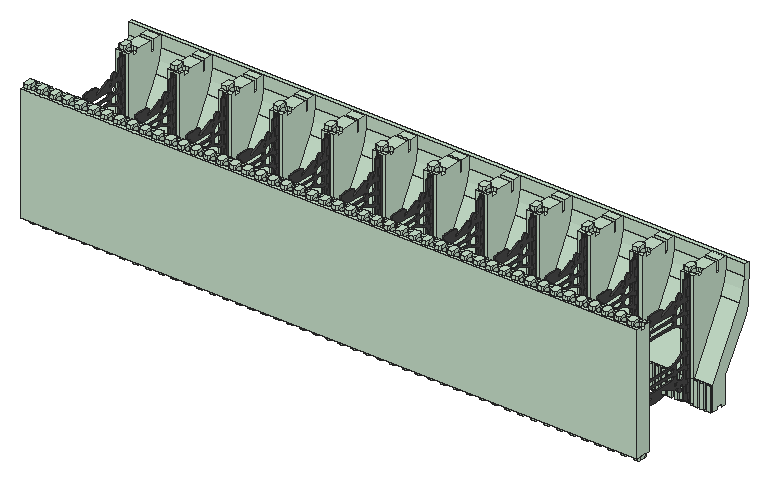
Revit family (continued)
Forms (mm)
  Extrusion 114, void
    sketch origin (2184.4, -0.084, 0) x (1, 0, 0) y (0, 1, 0)
      loop
        arc (25.4, 101.014) -> (26.615, 97.278) -> (29.796, 94.972) r 6.35
        arc (29.796, 94.972) -> (36.091, 93.737) -> (42.5, 94.024) r 26.988
        arc (42.5, 94.024) -> (43.786, 93.668) -> (44.346, 92.457) r 1.587
        line (44.346, 92.457) -> (44.346, 86.829) -> (48.685, 86.829) -> (48.685, 95.62)
        arc (48.685, 95.62) -> (48.795, 96.199) -> (49.108, 96.698) r 1.588
        arc (49.108, 96.698) -> (50.362, 98.696) -> (50.8, 101.014) r 6.35
        line (50.8, 101.014) -> (50.8, 124.411)
        arc (50.8, 124.411) -> (49.585, 128.147) -> (46.404, 130.453) r 6.35
        arc (46.404, 130.453) -> (38.1, 131.763) -> (29.796, 130.453) r 26.987
        arc (29.796, 130.453) -> (26.615, 128.147) -> (25.4, 124.411) r 6.35
    from 0 to 12.7
  Extrusion 115, void
    sketch origin (2133.6, -0.084, 0) x (1, 0, 0) y (0, 1, 0)
      loop
        line (25.4, 124.411) -> (25.4, 101.014)
        arc (25.4, 101.014) -> (26.615, 97.278) -> (29.796, 94.972) r 6.35
        arc (29.796, 94.972) -> (36.091, 93.737) -> (42.5, 94.024) r 26.988
        arc (42.5, 94.024) -> (43.786, 93.668) -> (44.346, 92.457) r 1.587
        line (44.346, 92.457) -> (44.346, 86.829) -> (48.685, 86.829) -> (48.685, 95.62)
        arc (48.685, 95.62) -> (48.795, 96.199) -> (49.108, 96.698) r 1.588
        arc (49.108, 96.698) -> (50.362, 98.696) -> (50.8, 101.014) r 6.35
        line (50.8, 101.014) -> (50.8, 124.411)
        arc (50.8, 124.411) -> (49.585, 128.147) -> (46.404, 130.453) r 6.35
        arc (46.404, 130.453) -> (38.1, 131.763) -> (29.796, 130.453) r 26.987
        arc (29.796, 130.453) -> (26.615, 128.147) -> (25.4, 124.411) r 6.35
    from 0 to 12.7
  Extrusion 116, void
    sketch origin (2082.8, -0.084, 0) x (1, 0, 0) y (0, 1, 0)
      loop
        line (25.4, 124.411) -> (25.4, 101.014)
        arc (25.4, 101.014) -> (26.615, 97.278) -> (29.796, 94.972) r 6.35
        arc (29.796, 94.972) -> (36.091, 93.737) -> (42.5, 94.024) r 26.988
        arc (42.5, 94.024) -> (43.786, 93.668) -> (44.346, 92.457) r 1.587
        line (44.346, 92.457) -> (44.346, 86.829) -> (48.685, 86.829) -> (48.685, 95.62)
        arc (48.685, 95.62) -> (48.795, 96.199) -> (49.108, 96.698) r 1.588
        arc (49.108, 96.698) -> (50.362, 98.696) -> (50.8, 101.014) r 6.35
        line (50.8, 101.014) -> (50.8, 124.411)
        arc (50.8, 124.411) -> (49.585, 128.147) -> (46.404, 130.453) r 6.35
        arc (46.404, 130.453) -> (38.1, 131.763) -> (29.796, 130.453) r 26.987
        arc (29.796, 130.453) -> (26.615, 128.147) -> (25.4, 124.411) r 6.35
    from 0 to 12.7
  Extrusion 117, void
    sketch origin (2032, -0.084, 0) x (1, 0, 0) y (0, 1, 0)
      loop
        line (25.4, 124.411) -> (25.4, 101.014)
        arc (25.4, 101.014) -> (26.615, 97.278) -> (29.796, 94.972) r 6.35
        arc (29.796, 94.972) -> (36.091, 93.737) -> (42.5, 94.024) r 26.988
        arc (42.5, 94.024) -> (43.786, 93.668) -> (44.346, 92.457) r 1.587
        line (44.346, 92.457) -> (44.346, 86.829) -> (48.685, 86.829) -> (48.685, 95.62)
        arc (48.685, 95.62) -> (48.795, 96.199) -> (49.108, 96.698) r 1.588
        arc (49.108, 96.698) -> (50.362, 98.696) -> (50.8, 101.014) r 6.35
        line (50.8, 101.014) -> (50.8, 124.411)
        arc (50.8, 124.411) -> (49.585, 128.147) -> (46.404, 130.453) r 6.35
        arc (46.404, 130.453) -> (38.1, 131.763) -> (29.796, 130.453) r 26.987
        arc (29.796, 130.453) -> (26.615, 128.147) -> (25.4, 124.411) r 6.35
    from 0 to 12.7
  Extrusion 118, void
    sketch origin (1981.2, -0.084, 0) x (1, 0, 0) y (0, 1, 0)
      loop
        line (25.4, 124.411) -> (25.4, 101.014)
        arc (25.4, 101.014) -> (26.615, 97.278) -> (29.796, 94.972) r 6.35
        arc (29.796, 94.972) -> (36.091, 93.737) -> (42.5, 94.024) r 26.988
        arc (42.5, 94.024) -> (43.786, 93.668) -> (44.346, 92.457) r 1.587
        line (44.346, 92.457) -> (44.346, 86.829) -> (48.685, 86.829) -> (48.685, 95.62)
        arc (48.685, 95.62) -> (48.795, 96.199) -> (49.108, 96.698) r 1.588
        arc (49.108, 96.698) -> (50.362, 98.696) -> (50.8, 101.014) r 6.35
        line (50.8, 101.014) -> (50.8, 124.411)
        arc (50.8, 124.411) -> (49.585, 128.147) -> (46.404, 130.453) r 6.35
        arc (46.404, 130.453) -> (38.1, 131.763) -> (29.796, 130.453) r 26.987
        arc (29.796, 130.453) -> (26.615, 128.147) -> (25.4, 124.411) r 6.35
    from 0 to 12.7
  Extrusion 119, void
    sketch origin (1930.4, -0.084, 0) x (1, 0, 0) y (0, 1, 0)
      loop
        line (25.4, 124.411) -> (25.4, 101.014)
        arc (25.4, 101.014) -> (26.615, 97.278) -> (29.796, 94.972) r 6.35
        arc (29.796, 94.972) -> (36.091, 93.737) -> (42.5, 94.024) r 26.988
        arc (42.5, 94.024) -> (43.786, 93.668) -> (44.346, 92.457) r 1.587
        line (44.346, 92.457) -> (44.346, 86.829) -> (48.685, 86.829) -> (48.685, 95.62)
        arc (48.685, 95.62) -> (48.795, 96.199) -> (49.108, 96.698) r 1.588
        arc (49.108, 96.698) -> (50.362, 98.696) -> (50.8, 101.014) r 6.35
        line (50.8, 101.014) -> (50.8, 124.411)
        arc (50.8, 124.411) -> (49.585, 128.147) -> (46.404, 130.453) r 6.35
        arc (46.404, 130.453) -> (38.1, 131.763) -> (29.796, 130.453) r 26.987
        arc (29.796, 130.453) -> (26.615, 128.147) -> (25.4, 124.411) r 6.35
    from 0 to 12.7
  Extrusion 120, void
    sketch origin (1879.6, -0.084, 0) x (1, 0, 0) y (0, 1, 0)
      loop
        line (25.4, 124.411) -> (25.4, 101.014)
        arc (25.4, 101.014) -> (26.615, 97.278) -> (29.796, 94.972) r 6.35
        arc (29.796, 94.972) -> (36.091, 93.737) -> (42.5, 94.024) r 26.988
        arc (42.5, 94.024) -> (43.786, 93.668) -> (44.346, 92.457) r 1.587
        line (44.346, 92.457) -> (44.346, 86.829) -> (48.685, 86.829) -> (48.685, 95.62)
        arc (48.685, 95.62) -> (48.795, 96.199) -> (49.108, 96.698) r 1.588
        arc (49.108, 96.698) -> (50.362, 98.696) -> (50.8, 101.014) r 6.35
        line (50.8, 101.014) -> (50.8, 124.411)
        arc (50.8, 124.411) -> (49.585, 128.147) -> (46.404, 130.453) r 6.35
        arc (46.404, 130.453) -> (38.1, 131.763) -> (29.796, 130.453) r 26.987
        arc (29.796, 130.453) -> (26.615, 128.147) -> (25.4, 124.411) r 6.35
    from 0 to 12.7
  Extrusion 121, void
    sketch origin (1828.8, -0.084, 0) x (1, 0, 0) y (0, 1, 0)
      loop
        line (25.4, 124.411) -> (25.4, 101.014)
        arc (25.4, 101.014) -> (26.615, 97.278) -> (29.796, 94.972) r 6.35
        arc (29.796, 94.972) -> (36.091, 93.737) -> (42.5, 94.024) r 26.988
        arc (42.5, 94.024) -> (43.786, 93.668) -> (44.346, 92.457) r 1.587
        line (44.346, 92.457) -> (44.346, 86.829) -> (48.685, 86.829) -> (48.685, 95.62)
        arc (48.685, 95.62) -> (48.795, 96.199) -> (49.108, 96.698) r 1.588
        arc (49.108, 96.698) -> (50.362, 98.696) -> (50.8, 101.014) r 6.35
        line (50.8, 101.014) -> (50.8, 124.411)
        arc (50.8, 124.411) -> (49.585, 128.147) -> (46.404, 130.453) r 6.35
        arc (46.404, 130.453) -> (38.1, 131.763) -> (29.796, 130.453) r 26.987
        arc (29.796, 130.453) -> (26.615, 128.147) -> (25.4, 124.411) r 6.35
    from 0 to 12.7
  Extrusion 122, void
    sketch origin (1778, -0.084, 0) x (1, 0, 0) y (0, 1, 0)
      loop
        line (25.4, 124.411) -> (25.4, 101.014)
        arc (25.4, 101.014) -> (26.615, 97.278) -> (29.796, 94.972) r 6.35
        arc (29.796, 94.972) -> (36.091, 93.737) -> (42.5, 94.024) r 26.988
        arc (42.5, 94.024) -> (43.786, 93.668) -> (44.346, 92.457) r 1.587
        line (44.346, 92.457) -> (44.346, 86.829) -> (48.685, 86.829) -> (48.685, 95.62)
        arc (48.685, 95.62) -> (48.795, 96.199) -> (49.108, 96.698) r 1.588
        arc (49.108, 96.698) -> (50.362, 98.696) -> (50.8, 101.014) r 6.35
        line (50.8, 101.014) -> (50.8, 124.411)
        arc (50.8, 124.411) -> (49.585, 128.147) -> (46.404, 130.453) r 6.35
        arc (46.404, 130.453) -> (38.1, 131.763) -> (29.796, 130.453) r 26.987
        arc (29.796, 130.453) -> (26.615, 128.147) -> (25.4, 124.411) r 6.35
    from 0 to 12.7
  Extrusion 123, void
    sketch origin (1727.2, -0.084, 0) x (1, 0, 0) y (0, 1, 0)
      loop
        line (25.4, 124.411) -> (25.4, 101.014)
        arc (25.4, 101.014) -> (26.615, 97.278) -> (29.796, 94.972) r 6.35
        arc (29.796, 94.972) -> (36.091, 93.737) -> (42.5, 94.024) r 26.988
        arc (42.5, 94.024) -> (43.786, 93.668) -> (44.346, 92.457) r 1.587
        line (44.346, 92.457) -> (44.346, 86.829) -> (48.685, 86.829) -> (48.685, 95.62)
        arc (48.685, 95.62) -> (48.795, 96.199) -> (49.108, 96.698) r 1.588
        arc (49.108, 96.698) -> (50.362, 98.696) -> (50.8, 101.014) r 6.35
        line (50.8, 101.014) -> (50.8, 124.411)
        arc (50.8, 124.411) -> (49.585, 128.147) -> (46.404, 130.453) r 6.35
        arc (46.404, 130.453) -> (38.1, 131.763) -> (29.796, 130.453) r 26.987
        arc (29.796, 130.453) -> (26.615, 128.147) -> (25.4, 124.411) r 6.35
    from 0 to 12.7
  Extrusion 124, void
    sketch origin (1676.4, -0.084, 0) x (1, 0, 0) y (0, 1, 0)
      loop
        line (25.4, 124.411) -> (25.4, 101.014)
        arc (25.4, 101.014) -> (26.615, 97.278) -> (29.796, 94.972) r 6.35
        arc (29.796, 94.972) -> (36.091, 93.737) -> (42.5, 94.024) r 26.988
        arc (42.5, 94.024) -> (43.786, 93.668) -> (44.346, 92.457) r 1.587
        line (44.346, 92.457) -> (44.346, 86.829) -> (48.685, 86.829) -> (48.685, 95.62)
        arc (48.685, 95.62) -> (48.795, 96.199) -> (49.108, 96.698) r 1.588
        arc (49.108, 96.698) -> (50.362, 98.696) -> (50.8, 101.014) r 6.35
        line (50.8, 101.014) -> (50.8, 124.411)
        arc (50.8, 124.411) -> (49.585, 128.147) -> (46.404, 130.453) r 6.35
        arc (46.404, 130.453) -> (38.1, 131.763) -> (29.796, 130.453) r 26.987
        arc (29.796, 130.453) -> (26.615, 128.147) -> (25.4, 124.411) r 6.35
    from 0 to 12.7
  Extrusion 125, void
    sketch origin (1625.6, -0.084, 0) x (1, 0, 0) y (0, 1, 0)
      loop
        line (25.4, 124.411) -> (25.4, 101.014)
        arc (25.4, 101.014) -> (26.615, 97.278) -> (29.796, 94.972) r 6.35
        arc (29.796, 94.972) -> (36.091, 93.737) -> (42.5, 94.024) r 26.988
        arc (42.5, 94.024) -> (43.786, 93.668) -> (44.346, 92.457) r 1.587
        line (44.346, 92.457) -> (44.346, 86.829) -> (48.685, 86.829) -> (48.685, 95.62)
        arc (48.685, 95.62) -> (48.795, 96.199) -> (49.108, 96.698) r 1.588
        arc (49.108, 96.698) -> (50.362, 98.696) -> (50.8, 101.014) r 6.35
        line (50.8, 101.014) -> (50.8, 124.411)
        arc (50.8, 124.411) -> (49.585, 128.147) -> (46.404, 130.453) r 6.35
        arc (46.404, 130.453) -> (38.1, 131.763) -> (29.796, 130.453) r 26.987
        arc (29.796, 130.453) -> (26.615, 128.147) -> (25.4, 124.411) r 6.35
    from 0 to 12.7
  Extrusion 126, void
    sketch origin (1574.8, -0.084, 0) x (1, 0, 0) y (0, 1, 0)
      loop
        line (25.4, 124.411) -> (25.4, 101.014)
        arc (25.4, 101.014) -> (26.615, 97.278) -> (29.796, 94.972) r 6.35
        arc (29.796, 94.972) -> (36.091, 93.737) -> (42.5, 94.024) r 26.988
        arc (42.5, 94.024) -> (43.786, 93.668) -> (44.346, 92.457) r 1.587
        line (44.346, 92.457) -> (44.346, 86.829) -> (48.685, 86.829) -> (48.685, 95.62)
        arc (48.685, 95.62) -> (48.795, 96.199) -> (49.108, 96.698) r 1.588
        arc (49.108, 96.698) -> (50.362, 98.696) -> (50.8, 101.014) r 6.35
        line (50.8, 101.014) -> (50.8, 124.411)
        arc (50.8, 124.411) -> (49.585, 128.147) -> (46.404, 130.453) r 6.35
        arc (46.404, 130.453) -> (38.1, 131.763) -> (29.796, 130.453) r 26.987
        arc (29.796, 130.453) -> (26.615, 128.147) -> (25.4, 124.411) r 6.35
    from 0 to 12.7
  Extrusion 127, void
    sketch origin (1524, -0.084, 0) x (1, 0, 0) y (0, 1, 0)
      loop
        line (25.4, 124.411) -> (25.4, 101.014)
        arc (25.4, 101.014) -> (26.615, 97.278) -> (29.796, 94.972) r 6.35
        arc (29.796, 94.972) -> (36.091, 93.737) -> (42.5, 94.024) r 26.988
        arc (42.5, 94.024) -> (43.786, 93.668) -> (44.346, 92.457) r 1.587
        line (44.346, 92.457) -> (44.346, 86.829) -> (48.685, 86.829) -> (48.685, 95.62)
        arc (48.685, 95.62) -> (48.795, 96.199) -> (49.108, 96.698) r 1.588
        arc (49.108, 96.698) -> (50.362, 98.696) -> (50.8, 101.014) r 6.35
        line (50.8, 101.014) -> (50.8, 124.411)
        arc (50.8, 124.411) -> (49.585, 128.147) -> (46.404, 130.453) r 6.35
        arc (46.404, 130.453) -> (38.1, 131.763) -> (29.796, 130.453) r 26.987
        arc (29.796, 130.453) -> (26.615, 128.147) -> (25.4, 124.411) r 6.35
    from 0 to 12.7
  Extrusion 128, void
    sketch origin (1473.2, -0.084, 0) x (1, 0, 0) y (0, 1, 0)
      loop
        line (25.4, 124.411) -> (25.4, 101.014)
        arc (25.4, 101.014) -> (26.615, 97.278) -> (29.796, 94.972) r 6.35
        arc (29.796, 94.972) -> (36.091, 93.737) -> (42.5, 94.024) r 26.988
        arc (42.5, 94.024) -> (43.786, 93.668) -> (44.346, 92.457) r 1.587
        line (44.346, 92.457) -> (44.346, 86.829) -> (48.685, 86.829) -> (48.685, 95.62)
        arc (48.685, 95.62) -> (48.795, 96.199) -> (49.108, 96.698) r 1.588
        arc (49.108, 96.698) -> (50.362, 98.696) -> (50.8, 101.014) r 6.35
        line (50.8, 101.014) -> (50.8, 124.411)
        arc (50.8, 124.411) -> (49.585, 128.147) -> (46.404, 130.453) r 6.35
        arc (46.404, 130.453) -> (38.1, 131.763) -> (29.796, 130.453) r 26.987
        arc (29.796, 130.453) -> (26.615, 128.147) -> (25.4, 124.411) r 6.35
    from 0 to 12.7
  Extrusion 129, void
    sketch origin (1422.4, -0.084, 0) x (1, 0, 0) y (0, 1, 0)
      loop
        line (25.4, 124.411) -> (25.4, 101.014)
        arc (25.4, 101.014) -> (26.615, 97.278) -> (29.796, 94.972) r 6.35
        arc (29.796, 94.972) -> (36.091, 93.737) -> (42.5, 94.024) r 26.988
        arc (42.5, 94.024) -> (43.786, 93.668) -> (44.346, 92.457) r 1.587
        line (44.346, 92.457) -> (44.346, 86.829) -> (48.685, 86.829) -> (48.685, 95.62)
        arc (48.685, 95.62) -> (48.795, 96.199) -> (49.108, 96.698) r 1.588
        arc (49.108, 96.698) -> (50.362, 98.696) -> (50.8, 101.014) r 6.35
        line (50.8, 101.014) -> (50.8, 124.411)
        arc (50.8, 124.411) -> (49.585, 128.147) -> (46.404, 130.453) r 6.35
        arc (46.404, 130.453) -> (38.1, 131.763) -> (29.796, 130.453) r 26.987
        arc (29.796, 130.453) -> (26.615, 128.147) -> (25.4, 124.411) r 6.35
    from 0 to 12.7
  Extrusion 130, void
    sketch origin (1371.6, -0.084, 0) x (1, 0, 0) y (0, 1, 0)
      loop
        line (25.4, 124.411) -> (25.4, 101.014)
        arc (25.4, 101.014) -> (26.615, 97.278) -> (29.796, 94.972) r 6.35
        arc (29.796, 94.972) -> (36.091, 93.737) -> (42.5, 94.024) r 26.988
        arc (42.5, 94.024) -> (43.786, 93.668) -> (44.346, 92.457) r 1.587
        line (44.346, 92.457) -> (44.346, 86.829) -> (48.685, 86.829) -> (48.685, 95.62)
        arc (48.685, 95.62) -> (48.795, 96.199) -> (49.108, 96.698) r 1.588
        arc (49.108, 96.698) -> (50.362, 98.696) -> (50.8, 101.014) r 6.35
        line (50.8, 101.014) -> (50.8, 124.411)
        arc (50.8, 124.411) -> (49.585, 128.147) -> (46.404, 130.453) r 6.35
        arc (46.404, 130.453) -> (38.1, 131.763) -> (29.796, 130.453) r 26.987
        arc (29.796, 130.453) -> (26.615, 128.147) -> (25.4, 124.411) r 6.35
    from 0 to 12.7
  Extrusion 131, void
    sketch origin (1320.8, -0.084, 0) x (1, 0, 0) y (0, 1, 0)
      loop
        line (25.4, 124.411) -> (25.4, 101.014)
        arc (25.4, 101.014) -> (26.615, 97.278) -> (29.796, 94.972) r 6.35
        arc (29.796, 94.972) -> (36.091, 93.737) -> (42.5, 94.024) r 26.988
        arc (42.5, 94.024) -> (43.786, 93.668) -> (44.346, 92.457) r 1.587
        line (44.346, 92.457) -> (44.346, 86.829) -> (48.685, 86.829) -> (48.685, 95.62)
        arc (48.685, 95.62) -> (48.795, 96.199) -> (49.108, 96.698) r 1.588
        arc (49.108, 96.698) -> (50.362, 98.696) -> (50.8, 101.014) r 6.35
        line (50.8, 101.014) -> (50.8, 124.411)
        arc (50.8, 124.411) -> (49.585, 128.147) -> (46.404, 130.453) r 6.35
        arc (46.404, 130.453) -> (38.1, 131.763) -> (29.796, 130.453) r 26.987
        arc (29.796, 130.453) -> (26.615, 128.147) -> (25.4, 124.411) r 6.35
    from 0 to 12.7
  Extrusion 132, void
    sketch origin (1270, -0.084, 0) x (1, 0, 0) y (0, 1, 0)
      loop
        line (25.4, 124.411) -> (25.4, 101.014)
        arc (25.4, 101.014) -> (26.615, 97.278) -> (29.796, 94.972) r 6.35
        arc (29.796, 94.972) -> (36.091, 93.737) -> (42.5, 94.024) r 26.988
        arc (42.5, 94.024) -> (43.786, 93.668) -> (44.346, 92.457) r 1.587
        line (44.346, 92.457) -> (44.346, 86.829) -> (48.685, 86.829) -> (48.685, 95.62)
        arc (48.685, 95.62) -> (48.795, 96.199) -> (49.108, 96.698) r 1.588
        arc (49.108, 96.698) -> (50.362, 98.696) -> (50.8, 101.014) r 6.35
        line (50.8, 101.014) -> (50.8, 124.411)
        arc (50.8, 124.411) -> (49.585, 128.147) -> (46.404, 130.453) r 6.35
        arc (46.404, 130.453) -> (38.1, 131.763) -> (29.796, 130.453) r 26.987
        arc (29.796, 130.453) -> (26.615, 128.147) -> (25.4, 124.411) r 6.35
    from 0 to 12.7
  Extrusion 133, void
    sketch origin (1219.2, -0.084, 0) x (1, 0, 0) y (0, 1, 0)
      loop
        line (25.4, 124.411) -> (25.4, 101.014)
        arc (25.4, 101.014) -> (26.615, 97.278) -> (29.796, 94.972) r 6.35
        arc (29.796, 94.972) -> (36.091, 93.737) -> (42.5, 94.024) r 26.988
        arc (42.5, 94.024) -> (43.786, 93.668) -> (44.346, 92.457) r 1.587
        line (44.346, 92.457) -> (44.346, 86.829) -> (48.685, 86.829) -> (48.685, 95.62)
        arc (48.685, 95.62) -> (48.795, 96.199) -> (49.108, 96.698) r 1.588
        arc (49.108, 96.698) -> (50.362, 98.696) -> (50.8, 101.014) r 6.35
        line (50.8, 101.014) -> (50.8, 124.411)
        arc (50.8, 124.411) -> (49.585, 128.147) -> (46.404, 130.453) r 6.35
        arc (46.404, 130.453) -> (38.1, 131.763) -> (29.796, 130.453) r 26.987
        arc (29.796, 130.453) -> (26.615, 128.147) -> (25.4, 124.411) r 6.35
    from 0 to 12.7
  Extrusion 134, void
    sketch origin (1168.4, -0.084, 0) x (1, 0, 0) y (0, 1, 0)
      loop
        line (25.4, 124.411) -> (25.4, 101.014)
        arc (25.4, 101.014) -> (26.615, 97.278) -> (29.796, 94.972) r 6.35
        arc (29.796, 94.972) -> (36.091, 93.737) -> (42.5, 94.024) r 26.988
        arc (42.5, 94.024) -> (43.786, 93.668) -> (44.346, 92.457) r 1.587
        line (44.346, 92.457) -> (44.346, 86.829) -> (48.685, 86.829) -> (48.685, 95.62)
        arc (48.685, 95.62) -> (48.795, 96.199) -> (49.108, 96.698) r 1.588
        arc (49.108, 96.698) -> (50.362, 98.696) -> (50.8, 101.014) r 6.35
        line (50.8, 101.014) -> (50.8, 124.411)
        arc (50.8, 124.411) -> (49.585, 128.147) -> (46.404, 130.453) r 6.35
        arc (46.404, 130.453) -> (38.1, 131.763) -> (29.796, 130.453) r 26.987
        arc (29.796, 130.453) -> (26.615, 128.147) -> (25.4, 124.411) r 6.35
    from 0 to 12.7
  Extrusion 135, void
    sketch origin (1117.6, -0.084, 0) x (1, 0, 0) y (0, 1, 0)
      loop
        line (25.4, 124.411) -> (25.4, 101.014)
        arc (25.4, 101.014) -> (26.615, 97.278) -> (29.796, 94.972) r 6.35
        arc (29.796, 94.972) -> (36.091, 93.737) -> (42.5, 94.024) r 26.988
        arc (42.5, 94.024) -> (43.786, 93.668) -> (44.346, 92.457) r 1.587
        line (44.346, 92.457) -> (44.346, 86.829) -> (48.685, 86.829) -> (48.685, 95.62)
        arc (48.685, 95.62) -> (48.795, 96.199) -> (49.108, 96.698) r 1.588
        arc (49.108, 96.698) -> (50.362, 98.696) -> (50.8, 101.014) r 6.35
        line (50.8, 101.014) -> (50.8, 124.411)
        arc (50.8, 124.411) -> (49.585, 128.147) -> (46.404, 130.453) r 6.35
        arc (46.404, 130.453) -> (38.1, 131.763) -> (29.796, 130.453) r 26.987
        arc (29.796, 130.453) -> (26.615, 128.147) -> (25.4, 124.411) r 6.35
    from 0 to 12.7
  Extrusion 136, void
    sketch origin (1066.8, -0.084, 0) x (1, 0, 0) y (0, 1, 0)
      loop
        line (25.4, 124.411) -> (25.4, 101.014)
        arc (25.4, 101.014) -> (26.615, 97.278) -> (29.796, 94.972) r 6.35
        arc (29.796, 94.972) -> (36.091, 93.737) -> (42.5, 94.024) r 26.988
        arc (42.5, 94.024) -> (43.786, 93.668) -> (44.346, 92.457) r 1.587
        line (44.346, 92.457) -> (44.346, 86.829) -> (48.685, 86.829) -> (48.685, 95.62)
        arc (48.685, 95.62) -> (48.795, 96.199) -> (49.108, 96.698) r 1.588
        arc (49.108, 96.698) -> (50.362, 98.696) -> (50.8, 101.014) r 6.35
        line (50.8, 101.014) -> (50.8, 124.411)
        arc (50.8, 124.411) -> (49.585, 128.147) -> (46.404, 130.453) r 6.35
        arc (46.404, 130.453) -> (38.1, 131.763) -> (29.796, 130.453) r 26.987
        arc (29.796, 130.453) -> (26.615, 128.147) -> (25.4, 124.411) r 6.35
    from 0 to 12.7
  Extrusion 137, void
    sketch origin (1016, -0.084, 0) x (1, 0, 0) y (0, 1, 0)
      loop
        line (25.4, 124.411) -> (25.4, 101.014)
        arc (25.4, 101.014) -> (26.615, 97.278) -> (29.796, 94.972) r 6.35
        arc (29.796, 94.972) -> (36.091, 93.737) -> (42.5, 94.024) r 26.988
        arc (42.5, 94.024) -> (43.786, 93.668) -> (44.346, 92.457) r 1.587
        line (44.346, 92.457) -> (44.346, 86.829) -> (48.685, 86.829) -> (48.685, 95.62)
        arc (48.685, 95.62) -> (48.795, 96.199) -> (49.108, 96.698) r 1.588
        arc (49.108, 96.698) -> (50.362, 98.696) -> (50.8, 101.014) r 6.35
        line (50.8, 101.014) -> (50.8, 124.411)
        arc (50.8, 124.411) -> (49.585, 128.147) -> (46.404, 130.453) r 6.35
        arc (46.404, 130.453) -> (38.1, 131.763) -> (29.796, 130.453) r 26.987
        arc (29.796, 130.453) -> (26.615, 128.147) -> (25.4, 124.411) r 6.35
    from 0 to 12.7
  Extrusion 138, void
    sketch origin (965.2, -0.084, 0) x (1, 0, 0) y (0, 1, 0)
      loop
        line (25.4, 124.411) -> (25.4, 101.014)
        arc (25.4, 101.014) -> (26.615, 97.278) -> (29.796, 94.972) r 6.35
        arc (29.796, 94.972) -> (36.091, 93.737) -> (42.5, 94.024) r 26.988
        arc (42.5, 94.024) -> (43.786, 93.668) -> (44.346, 92.457) r 1.587
        line (44.346, 92.457) -> (44.346, 86.829) -> (48.685, 86.829) -> (48.685, 95.62)
        arc (48.685, 95.62) -> (48.795, 96.199) -> (49.108, 96.698) r 1.588
        arc (49.108, 96.698) -> (50.362, 98.696) -> (50.8, 101.014) r 6.35
        line (50.8, 101.014) -> (50.8, 124.411)
        arc (50.8, 124.411) -> (49.585, 128.147) -> (46.404, 130.453) r 6.35
        arc (46.404, 130.453) -> (38.1, 131.763) -> (29.796, 130.453) r 26.987
        arc (29.796, 130.453) -> (26.615, 128.147) -> (25.4, 124.411) r 6.35
    from 0 to 12.7
  Extrusion 139, void
    sketch origin (914.4, -0.084, 0) x (1, 0, 0) y (0, 1, 0)
      loop
        line (25.4, 124.411) -> (25.4, 101.014)
        arc (25.4, 101.014) -> (26.615, 97.278) -> (29.796, 94.972) r 6.35
        arc (29.796, 94.972) -> (36.091, 93.737) -> (42.5, 94.024) r 26.988
        arc (42.5, 94.024) -> (43.786, 93.668) -> (44.346, 92.457) r 1.587
        line (44.346, 92.457) -> (44.346, 86.829) -> (48.685, 86.829) -> (48.685, 95.62)
        arc (48.685, 95.62) -> (48.795, 96.199) -> (49.108, 96.698) r 1.588
        arc (49.108, 96.698) -> (50.362, 98.696) -> (50.8, 101.014) r 6.35
        line (50.8, 101.014) -> (50.8, 124.411)
        arc (50.8, 124.411) -> (49.585, 128.147) -> (46.404, 130.453) r 6.35
        arc (46.404, 130.453) -> (38.1, 131.763) -> (29.796, 130.453) r 26.987
        arc (29.796, 130.453) -> (26.615, 128.147) -> (25.4, 124.411) r 6.35
    from 0 to 12.7
  Extrusion 140, void
    sketch origin (863.6, -0.084, 0) x (1, 0, 0) y (0, 1, 0)
      loop
        line (25.4, 124.411) -> (25.4, 101.014)
        arc (25.4, 101.014) -> (26.615, 97.278) -> (29.796, 94.972) r 6.35
        arc (29.796, 94.972) -> (36.091, 93.737) -> (42.5, 94.024) r 26.988
        arc (42.5, 94.024) -> (43.786, 93.668) -> (44.346, 92.457) r 1.587
        line (44.346, 92.457) -> (44.346, 86.829) -> (48.685, 86.829) -> (48.685, 95.62)
        arc (48.685, 95.62) -> (48.795, 96.199) -> (49.108, 96.698) r 1.588
        arc (49.108, 96.698) -> (50.362, 98.696) -> (50.8, 101.014) r 6.35
        line (50.8, 101.014) -> (50.8, 124.411)
        arc (50.8, 124.411) -> (49.585, 128.147) -> (46.404, 130.453) r 6.35
        arc (46.404, 130.453) -> (38.1, 131.763) -> (29.796, 130.453) r 26.987
        arc (29.796, 130.453) -> (26.615, 128.147) -> (25.4, 124.411) r 6.35
    from 0 to 12.7
  Extrusion 141, void
    sketch origin (812.8, -0.084, 0) x (1, 0, 0) y (0, 1, 0)
      loop
        line (25.4, 124.411) -> (25.4, 101.014)
        arc (25.4, 101.014) -> (26.615, 97.278) -> (29.796, 94.972) r 6.35
        arc (29.796, 94.972) -> (36.091, 93.737) -> (42.5, 94.024) r 26.988
        arc (42.5, 94.024) -> (43.786, 93.668) -> (44.346, 92.457) r 1.587
        line (44.346, 92.457) -> (44.346, 86.829) -> (48.685, 86.829) -> (48.685, 95.62)
        arc (48.685, 95.62) -> (48.795, 96.199) -> (49.108, 96.698) r 1.588
        arc (49.108, 96.698) -> (50.362, 98.696) -> (50.8, 101.014) r 6.35
        line (50.8, 101.014) -> (50.8, 124.411)
        arc (50.8, 124.411) -> (49.585, 128.147) -> (46.404, 130.453) r 6.35
        arc (46.404, 130.453) -> (38.1, 131.763) -> (29.796, 130.453) r 26.987
        arc (29.796, 130.453) -> (26.615, 128.147) -> (25.4, 124.411) r 6.35
    from 0 to 12.7
  Extrusion 142, void
    sketch origin (762, -0.084, 0) x (1, 0, 0) y (0, 1, 0)
      loop
        line (25.4, 124.411) -> (25.4, 101.014)
        arc (25.4, 101.014) -> (26.615, 97.278) -> (29.796, 94.972) r 6.35
        arc (29.796, 94.972) -> (36.091, 93.737) -> (42.5, 94.024) r 26.988
        arc (42.5, 94.024) -> (43.786, 93.668) -> (44.346, 92.457) r 1.587
        line (44.346, 92.457) -> (44.346, 86.829) -> (48.685, 86.829) -> (48.685, 95.62)
        arc (48.685, 95.62) -> (48.795, 96.199) -> (49.108, 96.698) r 1.588
        arc (49.108, 96.698) -> (50.362, 98.696) -> (50.8, 101.014) r 6.35
        line (50.8, 101.014) -> (50.8, 124.411)
        arc (50.8, 124.411) -> (49.585, 128.147) -> (46.404, 130.453) r 6.35
        arc (46.404, 130.453) -> (38.1, 131.763) -> (29.796, 130.453) r 26.987
        arc (29.796, 130.453) -> (26.615, 128.147) -> (25.4, 124.411) r 6.35
    from 0 to 12.7
  Extrusion 143, void
    sketch origin (711.2, -0.084, 0) x (1, 0, 0) y (0, 1, 0)
      loop
        line (25.4, 124.411) -> (25.4, 101.014)
        arc (25.4, 101.014) -> (26.615, 97.278) -> (29.796, 94.972) r 6.35
        arc (29.796, 94.972) -> (36.091, 93.737) -> (42.5, 94.024) r 26.988
        arc (42.5, 94.024) -> (43.786, 93.668) -> (44.346, 92.457) r 1.587
        line (44.346, 92.457) -> (44.346, 86.829) -> (48.685, 86.829) -> (48.685, 95.62)
        arc (48.685, 95.62) -> (48.795, 96.199) -> (49.108, 96.698) r 1.588
        arc (49.108, 96.698) -> (50.362, 98.696) -> (50.8, 101.014) r 6.35
        line (50.8, 101.014) -> (50.8, 124.411)
        arc (50.8, 124.411) -> (49.585, 128.147) -> (46.404, 130.453) r 6.35
        arc (46.404, 130.453) -> (38.1, 131.763) -> (29.796, 130.453) r 26.987
        arc (29.796, 130.453) -> (26.615, 128.147) -> (25.4, 124.411) r 6.35
    from 0 to 12.7
  Extrusion 144, void
    sketch origin (660.4, -0.084, 0) x (1, 0, 0) y (0, 1, 0)
      loop
        line (25.4, 124.411) -> (25.4, 101.014)
        arc (25.4, 101.014) -> (26.615, 97.278) -> (29.796, 94.972) r 6.35
        arc (29.796, 94.972) -> (36.091, 93.737) -> (42.5, 94.024) r 26.988
        arc (42.5, 94.024) -> (43.786, 93.668) -> (44.346, 92.457) r 1.587
        line (44.346, 92.457) -> (44.346, 86.829) -> (48.685, 86.829) -> (48.685, 95.62)
        arc (48.685, 95.62) -> (48.795, 96.199) -> (49.108, 96.698) r 1.588
        arc (49.108, 96.698) -> (50.362, 98.696) -> (50.8, 101.014) r 6.35
        line (50.8, 101.014) -> (50.8, 124.411)
        arc (50.8, 124.411) -> (49.585, 128.147) -> (46.404, 130.453) r 6.35
        arc (46.404, 130.453) -> (38.1, 131.763) -> (29.796, 130.453) r 26.987
        arc (29.796, 130.453) -> (26.615, 128.147) -> (25.4, 124.411) r 6.35
    from 0 to 12.7
  Extrusion 145, void
    sketch origin (609.6, -0.084, 0) x (1, 0, 0) y (0, 1, 0)
      loop
        line (25.4, 124.411) -> (25.4, 101.014)
        arc (25.4, 101.014) -> (26.615, 97.278) -> (29.796, 94.972) r 6.35
        arc (29.796, 94.972) -> (36.091, 93.737) -> (42.5, 94.024) r 26.988
        arc (42.5, 94.024) -> (43.786, 93.668) -> (44.346, 92.457) r 1.587
        line (44.346, 92.457) -> (44.346, 86.829) -> (48.685, 86.829) -> (48.685, 95.62)
        arc (48.685, 95.62) -> (48.795, 96.199) -> (49.108, 96.698) r 1.588
        arc (49.108, 96.698) -> (50.362, 98.696) -> (50.8, 101.014) r 6.35
        line (50.8, 101.014) -> (50.8, 124.411)
        arc (50.8, 124.411) -> (49.585, 128.147) -> (46.404, 130.453) r 6.35
        arc (46.404, 130.453) -> (38.1, 131.763) -> (29.796, 130.453) r 26.987
        arc (29.796, 130.453) -> (26.615, 128.147) -> (25.4, 124.411) r 6.35
    from 0 to 12.7
  Extrusion 146, void
    sketch origin (558.8, -0.084, 0) x (1, 0, 0) y (0, 1, 0)
      loop
        line (25.4, 124.411) -> (25.4, 101.014)
        arc (25.4, 101.014) -> (26.615, 97.278) -> (29.796, 94.972) r 6.35
        arc (29.796, 94.972) -> (36.091, 93.737) -> (42.5, 94.024) r 26.988
        arc (42.5, 94.024) -> (43.786, 93.668) -> (44.346, 92.457) r 1.587
        line (44.346, 92.457) -> (44.346, 86.829) -> (48.685, 86.829) -> (48.685, 95.62)
        arc (48.685, 95.62) -> (48.795, 96.199) -> (49.108, 96.698) r 1.588
        arc (49.108, 96.698) -> (50.362, 98.696) -> (50.8, 101.014) r 6.35
        line (50.8, 101.014) -> (50.8, 124.411)
        arc (50.8, 124.411) -> (49.585, 128.147) -> (46.404, 130.453) r 6.35
        arc (46.404, 130.453) -> (38.1, 131.763) -> (29.796, 130.453) r 26.987
        arc (29.796, 130.453) -> (26.615, 128.147) -> (25.4, 124.411) r 6.35
    from 0 to 12.7
  Extrusion 147, void
    sketch origin (508, -0.084, 0) x (1, 0, 0) y (0, 1, 0)
      loop
        line (25.4, 124.411) -> (25.4, 101.014)
        arc (25.4, 101.014) -> (26.615, 97.278) -> (29.796, 94.972) r 6.35
        arc (29.796, 94.972) -> (36.091, 93.737) -> (42.5, 94.024) r 26.988
        arc (42.5, 94.024) -> (43.786, 93.668) -> (44.346, 92.457) r 1.587
        line (44.346, 92.457) -> (44.346, 86.829) -> (48.685, 86.829) -> (48.685, 95.62)
        arc (48.685, 95.62) -> (48.795, 96.199) -> (49.108, 96.698) r 1.588
        arc (49.108, 96.698) -> (50.362, 98.696) -> (50.8, 101.014) r 6.35
        line (50.8, 101.014) -> (50.8, 124.411)
        arc (50.8, 124.411) -> (49.585, 128.147) -> (46.404, 130.453) r 6.35
        arc (46.404, 130.453) -> (38.1, 131.763) -> (29.796, 130.453) r 26.987
        arc (29.796, 130.453) -> (26.615, 128.147) -> (25.4, 124.411) r 6.35
    from 0 to 12.7
  Extrusion 148, void
    sketch origin (457.2, -0.084, 0) x (1, 0, 0) y (0, 1, 0)
      loop
        line (25.4, 124.411) -> (25.4, 101.014)
        arc (25.4, 101.014) -> (26.615, 97.278) -> (29.796, 94.972) r 6.35
        arc (29.796, 94.972) -> (36.091, 93.737) -> (42.5, 94.024) r 26.988
        arc (42.5, 94.024) -> (43.786, 93.668) -> (44.346, 92.457) r 1.587
        line (44.346, 92.457) -> (44.346, 86.829) -> (48.685, 86.829) -> (48.685, 95.62)
        arc (48.685, 95.62) -> (48.795, 96.199) -> (49.108, 96.698) r 1.588
        arc (49.108, 96.698) -> (50.362, 98.696) -> (50.8, 101.014) r 6.35
        line (50.8, 101.014) -> (50.8, 124.411)
        arc (50.8, 124.411) -> (49.585, 128.147) -> (46.404, 130.453) r 6.35
        arc (46.404, 130.453) -> (38.1, 131.763) -> (29.796, 130.453) r 26.987
        arc (29.796, 130.453) -> (26.615, 128.147) -> (25.4, 124.411) r 6.35
    from 0 to 12.7
  Extrusion 149, void
    sketch origin (406.4, -0.084, 0) x (1, 0, 0) y (0, 1, 0)
      loop
        line (25.4, 124.411) -> (25.4, 101.014)
        arc (25.4, 101.014) -> (26.615, 97.278) -> (29.796, 94.972) r 6.35
        arc (29.796, 94.972) -> (36.091, 93.737) -> (42.5, 94.024) r 26.988
        arc (42.5, 94.024) -> (43.786, 93.668) -> (44.346, 92.457) r 1.587
        line (44.346, 92.457) -> (44.346, 86.829) -> (48.685, 86.829) -> (48.685, 95.62)
        arc (48.685, 95.62) -> (48.795, 96.199) -> (49.108, 96.698) r 1.588
        arc (49.108, 96.698) -> (50.362, 98.696) -> (50.8, 101.014) r 6.35
        line (50.8, 101.014) -> (50.8, 124.411)
        arc (50.8, 124.411) -> (49.585, 128.147) -> (46.404, 130.453) r 6.35
        arc (46.404, 130.453) -> (38.1, 131.763) -> (29.796, 130.453) r 26.987
        arc (29.796, 130.453) -> (26.615, 128.147) -> (25.4, 124.411) r 6.35
    from 0 to 12.7
  Extrusion 150, void
    sketch origin (355.6, -0.084, 0) x (1, 0, 0) y (0, 1, 0)
      loop
        line (25.4, 124.411) -> (25.4, 101.014)
        arc (25.4, 101.014) -> (26.615, 97.278) -> (29.796, 94.972) r 6.35
        arc (29.796, 94.972) -> (36.091, 93.737) -> (42.5, 94.024) r 26.988
        arc (42.5, 94.024) -> (43.786, 93.668) -> (44.346, 92.457) r 1.587
        line (44.346, 92.457) -> (44.346, 86.829) -> (48.685, 86.829) -> (48.685, 95.62)
        arc (48.685, 95.62) -> (48.795, 96.199) -> (49.108, 96.698) r 1.588
        arc (49.108, 96.698) -> (50.362, 98.696) -> (50.8, 101.014) r 6.35
        line (50.8, 101.014) -> (50.8, 124.411)
        arc (50.8, 124.411) -> (49.585, 128.147) -> (46.404, 130.453) r 6.35
        arc (46.404, 130.453) -> (38.1, 131.763) -> (29.796, 130.453) r 26.987
        arc (29.796, 130.453) -> (26.615, 128.147) -> (25.4, 124.411) r 6.35
    from 0 to 12.7
  Extrusion 151, void
    sketch origin (304.8, -0.084, 0) x (1, 0, 0) y (0, 1, 0)
      loop
        line (25.4, 124.411) -> (25.4, 101.014)
        arc (25.4, 101.014) -> (26.615, 97.278) -> (29.796, 94.972) r 6.35
        arc (29.796, 94.972) -> (36.091, 93.737) -> (42.5, 94.024) r 26.988
        arc (42.5, 94.024) -> (43.786, 93.668) -> (44.346, 92.457) r 1.587
        line (44.346, 92.457) -> (44.346, 86.829) -> (48.685, 86.829) -> (48.685, 95.62)
        arc (48.685, 95.62) -> (48.795, 96.199) -> (49.108, 96.698) r 1.588
        arc (49.108, 96.698) -> (50.362, 98.696) -> (50.8, 101.014) r 6.35
        line (50.8, 101.014) -> (50.8, 124.411)
        arc (50.8, 124.411) -> (49.585, 128.147) -> (46.404, 130.453) r 6.35
        arc (46.404, 130.453) -> (38.1, 131.763) -> (29.796, 130.453) r 26.987
        arc (29.796, 130.453) -> (26.615, 128.147) -> (25.4, 124.411) r 6.35
    from 0 to 12.7
  Extrusion 152, void
    sketch origin (254, -0.084, 0) x (1, 0, 0) y (0, 1, 0)
      loop
        line (25.4, 124.411) -> (25.4, 101.014)
        arc (25.4, 101.014) -> (26.615, 97.278) -> (29.796, 94.972) r 6.35
        arc (29.796, 94.972) -> (36.091, 93.737) -> (42.5, 94.024) r 26.988
        arc (42.5, 94.024) -> (43.786, 93.668) -> (44.346, 92.457) r 1.587
        line (44.346, 92.457) -> (44.346, 86.829) -> (48.685, 86.829) -> (48.685, 95.62)
        arc (48.685, 95.62) -> (48.795, 96.199) -> (49.108, 96.698) r 1.588
        arc (49.108, 96.698) -> (50.362, 98.696) -> (50.8, 101.014) r 6.35
        line (50.8, 101.014) -> (50.8, 124.411)
        arc (50.8, 124.411) -> (49.585, 128.147) -> (46.404, 130.453) r 6.35
        arc (46.404, 130.453) -> (38.1, 131.763) -> (29.796, 130.453) r 26.987
        arc (29.796, 130.453) -> (26.615, 128.147) -> (25.4, 124.411) r 6.35
    from 0 to 12.7
  Extrusion 153, void
    sketch origin (203.2, -0.084, 0) x (1, 0, 0) y (0, 1, 0)
      loop
        line (25.4, 124.411) -> (25.4, 101.014)
        arc (25.4, 101.014) -> (26.615, 97.278) -> (29.796, 94.972) r 6.35
        arc (29.796, 94.972) -> (36.091, 93.737) -> (42.5, 94.024) r 26.988
        arc (42.5, 94.024) -> (43.786, 93.668) -> (44.346, 92.457) r 1.587
        line (44.346, 92.457) -> (44.346, 86.829) -> (48.685, 86.829) -> (48.685, 95.62)
        arc (48.685, 95.62) -> (48.795, 96.199) -> (49.108, 96.698) r 1.588
        arc (49.108, 96.698) -> (50.362, 98.696) -> (50.8, 101.014) r 6.35
        line (50.8, 101.014) -> (50.8, 124.411)
        arc (50.8, 124.411) -> (49.585, 128.147) -> (46.404, 130.453) r 6.35
        arc (46.404, 130.453) -> (38.1, 131.763) -> (29.796, 130.453) r 26.987
        arc (29.796, 130.453) -> (26.615, 128.147) -> (25.4, 124.411) r 6.35
    from 0 to 12.7
  Extrusion 154, void
    sketch origin (152.4, -0.084, 0) x (1, 0, 0) y (0, 1, 0)
      loop
        line (25.4, 124.411) -> (25.4, 101.014)
        arc (25.4, 101.014) -> (26.615, 97.278) -> (29.796, 94.972) r 6.35
        arc (29.796, 94.972) -> (36.091, 93.737) -> (42.5, 94.024) r 26.988
        arc (42.5, 94.024) -> (43.786, 93.668) -> (44.346, 92.457) r 1.587
        line (44.346, 92.457) -> (44.346, 86.829) -> (48.685, 86.829) -> (48.685, 95.62)
        arc (48.685, 95.62) -> (48.795, 96.199) -> (49.108, 96.698) r 1.588
        arc (49.108, 96.698) -> (50.362, 98.696) -> (50.8, 101.014) r 6.35
        line (50.8, 101.014) -> (50.8, 124.411)
        arc (50.8, 124.411) -> (49.585, 128.147) -> (46.404, 130.453) r 6.35
        arc (46.404, 130.453) -> (38.1, 131.763) -> (29.796, 130.453) r 26.987
        arc (29.796, 130.453) -> (26.615, 128.147) -> (25.4, 124.411) r 6.35
    from 0 to 12.7
  Extrusion 155, void
    sketch origin (101.6, -0.084, 0) x (1, 0, 0) y (0, 1, 0)
      loop
        line (25.4, 124.411) -> (25.4, 101.014)
        arc (25.4, 101.014) -> (26.615, 97.278) -> (29.796, 94.972) r 6.35
        arc (29.796, 94.972) -> (36.091, 93.737) -> (42.5, 94.024) r 26.988
        arc (42.5, 94.024) -> (43.786, 93.668) -> (44.346, 92.457) r 1.587
        line (44.346, 92.457) -> (44.346, 86.829) -> (48.685, 86.829) -> (48.685, 95.62)
        arc (48.685, 95.62) -> (48.795, 96.199) -> (49.108, 96.698) r 1.588
        arc (49.108, 96.698) -> (50.362, 98.696) -> (50.8, 101.014) r 6.35
        line (50.8, 101.014) -> (50.8, 124.411)
        arc (50.8, 124.411) -> (49.585, 128.147) -> (46.404, 130.453) r 6.35
        arc (46.404, 130.453) -> (38.1, 131.763) -> (29.796, 130.453) r 26.987
        arc (29.796, 130.453) -> (26.615, 128.147) -> (25.4, 124.411) r 6.35
    from 0 to 12.7
  Extrusion 156, void
    sketch origin (50.8, -0.084, 0) x (1, 0, 0) y (0, 1, 0)
      loop
        line (25.4, 124.411) -> (25.4, 101.014)
        arc (25.4, 101.014) -> (26.615, 97.278) -> (29.796, 94.972) r 6.35
        arc (29.796, 94.972) -> (36.091, 93.737) -> (42.5, 94.024) r 26.988
        arc (42.5, 94.024) -> (43.786, 93.668) -> (44.346, 92.457) r 1.587
        line (44.346, 92.457) -> (44.346, 86.829) -> (48.685, 86.829) -> (48.685, 95.62)
        arc (48.685, 95.62) -> (48.795, 96.199) -> (49.108, 96.698) r 1.588
        arc (49.108, 96.698) -> (50.362, 98.696) -> (50.8, 101.014) r 6.35
        line (50.8, 101.014) -> (50.8, 124.411)
        arc (50.8, 124.411) -> (49.585, 128.147) -> (46.404, 130.453) r 6.35
        arc (46.404, 130.453) -> (38.1, 131.763) -> (29.796, 130.453) r 26.987
        arc (29.796, 130.453) -> (26.615, 128.147) -> (25.4, 124.411) r 6.35
    from 0 to 12.7
  Extrusion 157, void
    sketch origin (0, -0.084, 0) x (1, 0, 0) y (0, 1, 0)
      loop
        line (25.4, 124.411) -> (25.4, 101.014)
        arc (25.4, 101.014) -> (26.615, 97.278) -> (29.796, 94.972) r 6.35
        arc (29.796, 94.972) -> (36.091, 93.737) -> (42.5, 94.024) r 26.988
        arc (42.5, 94.024) -> (43.786, 93.668) -> (44.346, 92.457) r 1.587
        line (44.346, 92.457) -> (44.346, 86.829) -> (48.685, 86.829) -> (48.685, 95.62)
        arc (48.685, 95.62) -> (48.795, 96.199) -> (49.108, 96.698) r 1.588
        arc (49.108, 96.698) -> (50.362, 98.696) -> (50.8, 101.014) r 6.35
        line (50.8, 101.014) -> (50.8, 124.411)
        arc (50.8, 124.411) -> (49.585, 128.147) -> (46.404, 130.453) r 6.35
        arc (46.404, 130.453) -> (38.1, 131.763) -> (29.796, 130.453) r 26.987
        arc (29.796, 130.453) -> (26.615, 128.147) -> (25.4, 124.411) r 6.35
    from 0 to 12.7
  Extrusion 158, solid, material "NUDURA Expanded Polystyrene Foam Insulation"
    sketch origin (0, -0.084, 0) x (0, 1, 0) y (0, 0, 1)
      loop
        line (257.175, 330.2) -> (257.175, 457.2) -> (239.395, 457.2) -> (239.395, 412.75)
        arc (239.395, 412.75) -> (229.98, 370.464) -> (213.995, 330.2) r 273.05
        line (213.995, 330.2) -> (82.55, 92.075) -> (82.55, 0) -> (142.875, 0) -> (142.875, 98.425)
        arc (142.875, 98.425) -> (143.415, 104.58) -> (145.215, 110.49) r 29.756
        line (145.215, 110.49) -> (240.16, 266.7)
        arc (240.16, 266.7) -> (252.848, 297.33) -> (257.175, 330.2) r 127
    from 0 to 2438.4
  Extrusion 159, solid, material "NUDURA Expanded Polystyrene Foam Insulation"
    sketch origin (0, -0.084, 0) x (0, 1, 0) y (0, 0, 1)
      loop
        arc (206.375, 419.1) -> (200.025, 412.75) -> (193.675, 419.1) r 6.35
        line (193.675, 419.1) -> (193.675, 457.2) -> (82.55, 457.2) -> (82.55, 92.075) -> (213.995, 330.2)
        arc (213.995, 330.2) -> (229.98, 370.464) -> (239.395, 412.75) r 273.05
        line (239.395, 412.75) -> (239.395, 457.2) -> (206.375, 457.2) -> (206.375, 419.1)
    from 76.2 to 127
  Extrusion 160, solid, material "NUDURA Expanded Polystyrene Foam Insulation"
    sketch origin (0, -0.084, 0) x (0, 1, 0) y (0, 0, 1)
      loop
        arc (206.375, 419.1) -> (200.025, 412.75) -> (193.675, 419.1) r 6.35
        line (193.675, 419.1) -> (193.675, 457.2) -> (82.55, 457.2) -> (82.55, 92.075) -> (213.995, 330.2)
        arc (213.995, 330.2) -> (229.98, 370.464) -> (239.395, 412.75) r 273.05
        line (239.395, 412.75) -> (239.395, 457.2) -> (206.375, 457.2) -> (206.375, 419.1)
    from 279.4 to 330.2
  Extrusion 161, solid, material "NUDURA Expanded Polystyrene Foam Insulation"
    sketch origin (203.2, -0.084, 0) x (0, 1, 0) y (0, 0, 1)
      loop
        arc (206.375, 419.1) -> (200.025, 412.75) -> (193.675, 419.1) r 6.35
        line (193.675, 419.1) -> (193.675, 457.2) -> (82.55, 457.2) -> (82.55, 92.075) -> (213.995, 330.2)
        arc (213.995, 330.2) -> (229.98, 370.464) -> (239.395, 412.75) r 273.05
        line (239.395, 412.75) -> (239.395, 457.2) -> (206.375, 457.2) -> (206.375, 419.1)
    from 279.4 to 330.2
  Extrusion 162, solid, material "NUDURA Expanded Polystyrene Foam Insulation"
    sketch origin (0, -0.084, 0) x (0, 1, 0) y (0, 0, 1)
      loop
        line (239.395, 457.2) -> (206.375, 457.2) -> (206.375, 419.1)
        arc (206.375, 419.1) -> (200.025, 412.75) -> (193.675, 419.1) r 6.35
        line (193.675, 419.1) -> (193.675, 457.2) -> (82.55, 457.2) -> (82.55, 92.075) -> (213.995, 330.2)
        arc (213.995, 330.2) -> (229.98, 370.464) -> (239.395, 412.75) r 273.05
        line (239.395, 412.75) -> (239.395, 457.2)
    from 685.8 to 736.6
  Extrusion 163, solid, material "NUDURA Expanded Polystyrene Foam Insulation"
    sketch origin (0, -0.084, 0) x (0, 1, 0) y (0, 0, 1)
      loop
        line (239.395, 457.2) -> (206.375, 457.2) -> (206.375, 419.1)
        arc (206.375, 419.1) -> (200.025, 412.75) -> (193.675, 419.1) r 6.35
        line (193.675, 419.1) -> (193.675, 457.2) -> (82.55, 457.2) -> (82.55, 92.075) -> (213.995, 330.2)
        arc (213.995, 330.2) -> (229.98, 370.464) -> (239.395, 412.75) r 273.05
        line (239.395, 412.75) -> (239.395, 457.2)
    from 889 to 939.8
  Extrusion 164, solid, material "NUDURA Expanded Polystyrene Foam Insulation"
    sketch origin (0, -0.084, 0) x (0, 1, 0) y (0, 0, 1)
      loop
        line (239.395, 457.2) -> (206.375, 457.2) -> (206.375, 419.1)
        arc (206.375, 419.1) -> (200.025, 412.75) -> (193.675, 419.1) r 6.35
        line (193.675, 419.1) -> (193.675, 457.2) -> (82.55, 457.2) -> (82.55, 92.075) -> (213.995, 330.2)
        arc (213.995, 330.2) -> (229.98, 370.464) -> (239.395, 412.75) r 273.05
        line (239.395, 412.75) -> (239.395, 457.2)
    from 1092.2 to 1143
  Extrusion 165, solid, material "NUDURA Expanded Polystyrene Foam Insulation"
    sketch origin (0, -0.084, 0) x (0, 1, 0) y (0, 0, 1)
      loop
        line (239.395, 457.2) -> (206.375, 457.2) -> (206.375, 419.1)
        arc (206.375, 419.1) -> (200.025, 412.75) -> (193.675, 419.1) r 6.35
        line (193.675, 419.1) -> (193.675, 457.2) -> (82.55, 457.2) -> (82.55, 92.075) -> (213.995, 330.2)
        arc (213.995, 330.2) -> (229.98, 370.464) -> (239.395, 412.75) r 273.05
        line (239.395, 412.75) -> (239.395, 457.2)
    from 1295.4 to 1346.2
  Extrusion 166, solid, material "NUDURA Expanded Polystyrene Foam Insulation"
    sketch origin (0, -0.084, 0) x (0, 1, 0) y (0, 0, 1)
      loop
        line (239.395, 457.2) -> (206.375, 457.2) -> (206.375, 419.1)
        arc (206.375, 419.1) -> (200.025, 412.75) -> (193.675, 419.1) r 6.35
        line (193.675, 419.1) -> (193.675, 457.2) -> (82.55, 457.2) -> (82.55, 92.075) -> (213.995, 330.2)
        arc (213.995, 330.2) -> (229.98, 370.464) -> (239.395, 412.75) r 273.05
        line (239.395, 412.75) -> (239.395, 457.2)
    from 1498.6 to 1549.4
  Extrusion 167, solid, material "NUDURA Expanded Polystyrene Foam Insulation"
    sketch origin (0, -0.084, 0) x (0, 1, 0) y (0, 0, 1)
      loop
        line (239.395, 457.2) -> (206.375, 457.2) -> (206.375, 419.1)
        arc (206.375, 419.1) -> (200.025, 412.75) -> (193.675, 419.1) r 6.35
        line (193.675, 419.1) -> (193.675, 457.2) -> (82.55, 457.2) -> (82.55, 92.075) -> (213.995, 330.2)
        arc (213.995, 330.2) -> (229.98, 370.464) -> (239.395, 412.75) r 273.05
        line (239.395, 412.75) -> (239.395, 457.2)
    from 1701.8 to 1752.6
  Extrusion 168, solid, material "NUDURA Expanded Polystyrene Foam Insulation"
    sketch origin (0, -0.084, 0) x (0, 1, 0) y (0, 0, 1)
      loop
        line (239.395, 457.2) -> (206.375, 457.2) -> (206.375, 419.1)
        arc (206.375, 419.1) -> (200.025, 412.75) -> (193.675, 419.1) r 6.35
        line (193.675, 419.1) -> (193.675, 457.2) -> (82.55, 457.2) -> (82.55, 92.075) -> (213.995, 330.2)
        arc (213.995, 330.2) -> (229.98, 370.464) -> (239.395, 412.75) r 273.05
        line (239.395, 412.75) -> (239.395, 457.2)
    from 1905 to 1955.8
  Extrusion 169, solid, material "NUDURA Expanded Polystyrene Foam Insulation"
    sketch origin (0, -0.084, 0) x (0, 1, 0) y (0, 0, 1)
      loop
        line (239.395, 457.2) -> (206.375, 457.2) -> (206.375, 419.1)
        arc (206.375, 419.1) -> (200.025, 412.75) -> (193.675, 419.1) r 6.35
        line (193.675, 419.1) -> (193.675, 457.2) -> (82.55, 457.2) -> (82.55, 92.075) -> (213.995, 330.2)
        arc (213.995, 330.2) -> (229.98, 370.464) -> (239.395, 412.75) r 273.05
        line (239.395, 412.75) -> (239.395, 457.2)
    from 2108.2 to 2159
  Extrusion 170, solid, material "NUDURA Expanded Polystyrene Foam Insulation"
    sketch origin (0, -0.084, 0) x (0, 1, 0) y (0, 0, 1)
      loop
        line (239.395, 457.2) -> (206.375, 457.2) -> (206.375, 419.1)
        arc (206.375, 419.1) -> (200.025, 412.75) -> (193.675, 419.1) r 6.35
        line (193.675, 419.1) -> (193.675, 457.2) -> (82.55, 457.2) -> (82.55, 92.075) -> (213.995, 330.2)
        arc (213.995, 330.2) -> (229.98, 370.464) -> (239.395, 412.75) r 273.05
        line (239.395, 412.75) -> (239.395, 457.2)
    from 2311.4 to 2362.2
  Extrusion 171, solid, material "NUDURA Expanded Polystyrene Foam Insulation"
    sketch origin (0, -0.084, 0) x (1, 0, 0) y (0, 1, 0)
      loop
        line (2418.558, 76.2) -> (2432.842, 76.2) -> (2431.258, 82.55) -> (2420.142, 82.55) -> (2418.558, 76.2)
      loop
        line (2393.158, 76.2) -> (2407.442, 76.2) -> (2405.858, 82.55) -> (2394.742, 82.55) -> (2393.158, 76.2)
      loop
        line (2367.758, 76.2) -> (2382.042, 76.2) -> (2380.458, 82.55) -> (2369.342, 82.55) -> (2367.758, 76.2)
      loop
        line (2291.558, 76.2) -> (2305.842, 76.2) -> (2304.258, 82.55) -> (2293.142, 82.55) -> (2291.558, 76.2)
      loop
        line (2266.158, 76.2) -> (2280.442, 76.2) -> (2278.858, 82.55) -> (2267.742, 82.55) -> (2266.158, 76.2)
      loop
        line (2240.758, 76.2) -> (2255.042, 76.2) -> (2253.458, 82.55) -> (2242.342, 82.55) -> (2240.758, 76.2)
      loop
        line (2215.358, 76.2) -> (2229.642, 76.2) -> (2228.058, 82.55) -> (2216.942, 82.55) -> (2215.358, 76.2)
      loop
        line (2189.958, 76.2) -> (2204.242, 76.2) -> (2202.658, 82.55) -> (2191.542, 82.55) -> (2189.958, 76.2)
      loop
        line (2164.558, 76.2) -> (2178.842, 76.2) -> (2177.258, 82.55) -> (2166.142, 82.55) -> (2164.558, 76.2)
      loop
        line (2088.358, 76.2) -> (2102.642, 76.2) -> (2101.058, 82.55) -> (2089.942, 82.55) -> (2088.358, 76.2)
      loop
        line (2062.958, 76.2) -> (2077.242, 76.2) -> (2075.658, 82.55) -> (2064.542, 82.55) -> (2062.958, 76.2)
      loop
        line (2037.558, 76.2) -> (2051.842, 76.2) -> (2050.258, 82.55) -> (2039.142, 82.55) -> (2037.558, 76.2)
      loop
        line (2012.158, 76.2) -> (2026.442, 76.2) -> (2024.858, 82.55) -> (2013.742, 82.55) -> (2012.158, 76.2)
      loop
        line (1986.758, 76.2) -> (2001.042, 76.2) -> (1999.458, 82.55) -> (1988.342, 82.55) -> (1986.758, 76.2)
      loop
        line (1961.358, 76.2) -> (1975.642, 76.2) -> (1974.058, 82.55) -> (1962.942, 82.55) -> (1961.358, 76.2)
      loop
        line (1885.158, 76.2) -> (1899.442, 76.2) -> (1897.858, 82.55) -> (1886.742, 82.55) -> (1885.158, 76.2)
      loop
        line (1859.758, 76.2) -> (1874.042, 76.2) -> (1872.458, 82.55) -> (1861.342, 82.55) -> (1859.758, 76.2)
      loop
        line (1834.358, 76.2) -> (1848.642, 76.2) -> (1847.058, 82.55) -> (1835.942, 82.55) -> (1834.358, 76.2)
      loop
        line (1808.958, 76.2) -> (1823.242, 76.2) -> (1821.658, 82.55) -> (1810.542, 82.55) -> (1808.958, 76.2)
      loop
        line (1783.558, 76.2) -> (1797.842, 76.2) -> (1796.258, 82.55) -> (1785.142, 82.55) -> (1783.558, 76.2)
      loop
        line (1758.158, 76.2) -> (1772.442, 76.2) -> (1770.858, 82.55) -> (1759.742, 82.55) -> (1758.158, 76.2)
      loop
        line (1681.958, 76.2) -> (1696.242, 76.2) -> (1694.658, 82.55) -> (1683.542, 82.55) -> (1681.958, 76.2)
      loop
        line (1656.558, 76.2) -> (1670.842, 76.2) -> (1669.258, 82.55) -> (1658.142, 82.55) -> (1656.558, 76.2)
      loop
        line (1631.158, 76.2) -> (1645.442, 76.2) -> (1643.858, 82.55) -> (1632.742, 82.55) -> (1631.158, 76.2)
      loop
        line (1605.758, 76.2) -> (1620.042, 76.2) -> (1618.458, 82.55) -> (1607.342, 82.55) -> (1605.758, 76.2)
      loop
        line (1580.358, 76.2) -> (1594.642, 76.2) -> (1593.058, 82.55) -> (1581.942, 82.55) -> (1580.358, 76.2)
      loop
        line (1554.958, 76.2) -> (1569.242, 76.2) -> (1567.658, 82.55) -> (1556.542, 82.55) -> (1554.958, 76.2)
      loop
        line (1478.758, 76.2) -> (1493.042, 76.2) -> (1491.458, 82.55) -> (1480.342, 82.55) -> (1478.758, 76.2)
      loop
        line (1453.358, 76.2) -> (1467.642, 76.2) -> (1466.058, 82.55) -> (1454.942, 82.55) -> (1453.358, 76.2)
      loop
        line (1427.958, 76.2) -> (1442.242, 76.2) -> (1440.658, 82.55) -> (1429.542, 82.55) -> (1427.958, 76.2)
      loop
        line (1402.558, 76.2) -> (1416.842, 76.2) -> (1415.258, 82.55) -> (1404.142, 82.55) -> (1402.558, 76.2)
      loop
        line (1377.158, 76.2) -> (1391.442, 76.2) -> (1389.858, 82.55) -> (1378.742, 82.55) -> (1377.158, 76.2)
      loop
        line (1351.758, 76.2) -> (1366.042, 76.2) -> (1364.458, 82.55) -> (1353.342, 82.55) -> (1351.758, 76.2)
      loop
        line (1275.558, 76.2) -> (1289.842, 76.2) -> (1288.258, 82.55) -> (1277.142, 82.55) -> (1275.558, 76.2)
      loop
        line (1250.158, 76.2) -> (1264.442, 76.2) -> (1262.858, 82.55) -> (1251.742, 82.55) -> (1250.158, 76.2)
      loop
        line (1224.758, 76.2) -> (1239.042, 76.2) -> (1237.458, 82.55) -> (1226.342, 82.55) -> (1224.758, 76.2)
      loop
        line (1199.358, 76.2) -> (1213.642, 76.2) -> (1212.058, 82.55) -> (1200.942, 82.55) -> (1199.358, 76.2)
      loop
        line (1173.958, 76.2) -> (1188.242, 76.2) -> (1186.658, 82.55) -> (1175.542, 82.55) -> (1173.958, 76.2)
      loop
        line (1148.558, 76.2) -> (1162.842, 76.2) -> (1161.258, 82.55) -> (1150.142, 82.55) -> (1148.558, 76.2)
      loop
        line (1072.358, 76.2) -> (1086.642, 76.2) -> (1085.058, 82.55) -> (1073.942, 82.55) -> (1072.358, 76.2)
      loop
        line (1046.958, 76.2) -> (1061.242, 76.2) -> (1059.658, 82.55) -> (1048.542, 82.55) -> (1046.958, 76.2)
      loop
        line (1021.558, 76.2) -> (1035.842, 76.2) -> (1034.258, 82.55) -> (1023.142, 82.55) -> (1021.558, 76.2)
      loop
        line (996.158, 76.2) -> (1010.442, 76.2) -> (1008.858, 82.55) -> (997.742, 82.55) -> (996.158, 76.2)
      loop
        line (970.758, 76.2) -> (985.042, 76.2) -> (983.458, 82.55) -> (972.342, 82.55) -> (970.758, 76.2)
      loop
        line (945.358, 76.2) -> (959.642, 76.2) -> (958.058, 82.55) -> (946.942, 82.55) -> (945.358, 76.2)
      loop
        line (869.158, 76.2) -> (883.442, 76.2) -> (881.858, 82.55) -> (870.742, 82.55) -> (869.158, 76.2)
      loop
        line (843.758, 76.2) -> (858.042, 76.2) -> (856.458, 82.55) -> (845.342, 82.55) -> (843.758, 76.2)
      loop
        line (818.358, 76.2) -> (832.642, 76.2) -> (831.058, 82.55) -> (819.942, 82.55) -> (818.358, 76.2)
      loop
        line (792.958, 76.2) -> (807.242, 76.2) -> (805.658, 82.55) -> (794.542, 82.55) -> (792.958, 76.2)
      loop
        line (767.558, 76.2) -> (781.842, 76.2) -> (780.258, 82.55) -> (769.142, 82.55) -> (767.558, 76.2)
      loop
        line (742.158, 76.2) -> (756.442, 76.2) -> (754.858, 82.55) -> (743.742, 82.55) -> (742.158, 76.2)
      loop
        line (665.958, 76.2) -> (680.242, 76.2) -> (678.658, 82.55) -> (667.542, 82.55) -> (665.958, 76.2)
      loop
        line (640.558, 76.2) -> (654.842, 76.2) -> (653.258, 82.55) -> (642.142, 82.55) -> (640.558, 76.2)
      loop
        line (615.158, 76.2) -> (629.442, 76.2) -> (627.858, 82.55) -> (616.742, 82.55) -> (615.158, 76.2)
      loop
        line (589.758, 76.2) -> (604.042, 76.2) -> (602.458, 82.55) -> (591.342, 82.55) -> (589.758, 76.2)
      loop
        line (564.358, 76.2) -> (578.642, 76.2) -> (577.058, 82.55) -> (565.942, 82.55) -> (564.358, 76.2)
      loop
        line (538.958, 76.2) -> (553.242, 76.2) -> (551.658, 82.55) -> (540.542, 82.55) -> (538.958, 76.2)
      loop
        line (462.758, 76.2) -> (477.042, 76.2) -> (475.458, 82.55) -> (464.342, 82.55) -> (462.758, 76.2)
      loop
        line (437.358, 76.2) -> (451.642, 76.2) -> (450.058, 82.55) -> (438.942, 82.55) -> (437.358, 76.2)
      loop
        line (411.958, 76.2) -> (426.242, 76.2) -> (424.658, 82.55) -> (413.542, 82.55) -> (411.958, 76.2)
